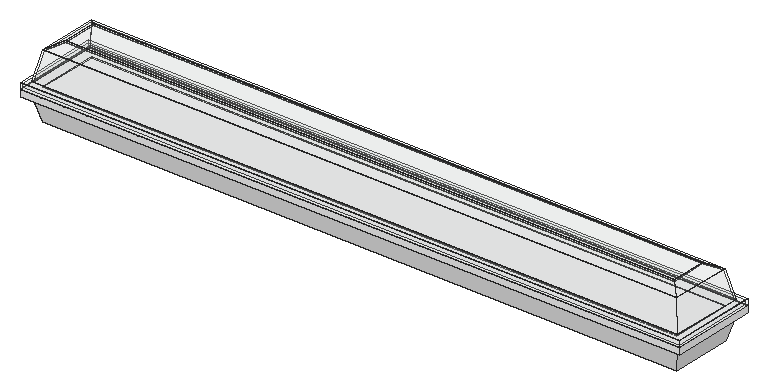
Revit family "LXEP", category Lighting Fixtures, host Face, Revit 2021
Family settings
  Host = Face
  Round Connector Dimension = Use Diameter
  Part Type = Normal
  OmniClass Number = 23.80.70.11
  OmniClass Title = Luminaries for Internal Lighting
  Cut with Voids When Loaded = No
  Light Source = Yes
  Shared = Yes
  Room Calculation Point = No
Parameters (values of type "LXEP4-40XL-DFA-EU")
  Wattage = 102 W
  built-in parameter 1150110 = 1 (stored number, unit not read)
  Voltage = 120 V
  Wattage Comments = ""
  URL = "www.currentlighting.com/columbialighting"
  built-in parameter 1114217 = 1 (stored number, unit not read)
  Tilt Angle = -90.00°
  built-in parameter 1150109 = 1 (stored number, unit not read)
  built-in parameter 1150134 = 12
  built-in parameter 1150113 = 1 (stored number, unit not read)
  Shielding = "Deep Frosted Acrylic"
  Product Page URL = ""
  Product Documentation Link = ""
  Photometric Web File = "LXEP4-40XL-DFA-EU.ies"
  Nominal Watts = 102 W
  Model = "LXEP"  # constant formula
  Manufacturer = "Columbia Lighting"  # constant formula
  Row Length = 4.00 ft
  built-in parameter 1150105 = 787.34 (stored number, unit not read)
  Lumens = 9894 lm
  built-in parameter 1150115 = 1 (stored number, unit not read)
  Lumen Output = "Xtra High Lumen"
  built-in parameter 1150137 = (empty or 0)
  built-in parameter 1150139 = (empty or 0)
  built-in parameter 1150112 = 1 (stored number, unit not read)
  built-in parameter 1150114 = 1 (stored number, unit not read)
  Lamp = "LED Lamp"
  built-in parameter 1150132 = (empty or 0)
  built-in parameter 1150102 = (empty or 0)
  built-in parameter 1150107 = 4000 (stored number, unit not read)
  built-in parameter 1150138 = (empty or 0)
  built-in parameter 1150106 = 7.8734 (stored number, unit not read)
  Glass = White Glass
  Emit from Line Length = 2.00 ft
  built-in parameter 1150104 = 9.0116 (stored number, unit not read)
  Driver = "Fixed Output"
  Dimming Lamp Color Temperature Shift = <None>
  Description = "LXEP is specialized for indoor parking garage applications with wide-angle light distribution to light parking bays, low energy use and high lumens per watt"  # constant formula
  Default Elevation = 4.00 ft
  Color Filter = 16777215
  built-in parameter 1114218 = 1 (stored number, unit not read)
  Backbox = White
  built-in parameter 1150133 = 10 (stored number, unit not read)
  Apparent Load = 0 VA
Reference planes (ft)
  plane 1 "Center (Front/Back)": y = 0.003333
  plane 2: z = 0
  plane 3 "Center (Left/Right)": x = 0.13912
  plane 4: x = -1.86088
  plane 5: x = 2.13912
Dimensions and locks (ft)
  equal spacing: plane 5, plane 3 "Center (Left/Right)", plane 4
  "Row Length": plane 5 to plane 4
  aligned and locked: plane 2 to host face
  aligned and locked: level to host face
  aligned and locked: plane 3 "Center (Left/Right)" to nested 1
  aligned and locked: plane 4 to nested 1
  aligned and locked: plane 5 to nested 1
  aligned and locked: plane 1 "Center (Front/Back)" to nested 1
  aligned and locked: imposter light to nested 1
  aligned and locked: imposter light to plane 1 "Center (Front/Back)"
  aligned and locked: plane 3 "Center (Left/Right)" to imposter light
Automatic sketch dimensions
  host sketch curve to host sketch curve = 8.00 ft  (x2)
Nested families (ft)
  nested 1: "LED Parking Garage" at (0.309759, 0, 0), Row Length <- "Row Length", Glass <- "Glass", Backbox <- "Backbox", type "LED Parking Garage"
    with Row Length 4.00 ft, Glass White Glass, Backbox White
Connectors (ft)
  electrical at (0.13912, 0.003333, 0), driven by "Voltage", driven by "Description"
    settings: on nested 1, index 1, voltage 120 V, apparent load 0 VA, apparent load phase1 0 VA, apparent load phase2 0 VA, apparent load phase3 0 VA, power factor 1, load classification "Other", number of poles 1, system type 30, power factor state 1, is connector primary yes, connector utility no, sub classification motor no, connector description "LXEP is specialized for indoor parking garage applications with wide-angle light distribution to light parking bays, low energy use and high lumens per watt"
Definition of nested family "LED Parking Garage"
  Parameters
    Wattage Comments = ""
    URL = ""
    Row Length [instance] = 4.00 ft
    Product Page URL = ""
    Product Documentation Link = ""
    Model = ""
    Manufacturer Phone = "(864)-678-1000"  # constant formula
    Manufacturer Fax = "(866)-898-1065"  # constant formula
    Manufacturer = ""
    Lamp = ""
    Glass [instance] = none
    Description = ""
    Default Elevation = 4.00 ft
    Backbox [instance] = none
  Reference planes (ft)
    plane 1 "Center (Front/Back)": y = 0.003333
    plane 2: z = 0
    plane 3 "Center (Left/Right)": x = -0.170639
    plane 4: x = -2.337306
    plane 5: x = 1.996027
    plane 6: y = 0.28574
    plane 7: y = -0.279075
    plane 8: z = 0.46875
    plane 9: z = 0.2
    plane 10: y = 0.244073
    plane 11: y = -0.237408
    plane 12: y = 0.202407
    plane 13: y = -0.195741
    plane 14: x = -2.170639
    plane 15: x = 1.829361
    plane 16: z = 0.427083
    plane 17: z = 0.241667
    plane 18: y = 0.119073
    plane 19: z = 0.460417
    plane 20: z = 0.0625
    plane 21: y = -0.112408
    plane 22: z = 0.158333
  Forms (ft)
    Extrusion 1, solid
      sketch origin (0, 0, 0.005297) x (1, 0, 0) y (0, 1, 0)
        loop
          line (-4, 4) -> (-4, -4) -> (4, -4) -> (4, 4) -> (-4, 4)
      from -0.005297 to -1.478638
    Extrusion 2, solid, material <- "Backbox"
      sketch origin (0, 1.902299, 0.2) x (0, 1, 0) y (-1, 0, 0)
        loop
          line (-1.783226, 2.170639) -> (-2.014707, 2.170639) -> (-2.014707, -1.829361) -> (-1.783226, -1.829361) -> (-1.783226, 2.170639)
      from -0.2 to 0
    Sweep 3, solid, material <- "Backbox"
      path origin (0, 1.902299, 0.2) x (0, 1, 0) y (-1, 0, 0)
        loop
          line (-1.616559, 2.337306) -> (-2.181374, 2.337306) -> (-2.181374, -1.996027) -> (-1.616559, -1.996027) -> (-1.616559, 2.337306)
      profile origin (-0.170639, 0.28574, 0.2) x (0, 1, 0) y (0, 0, 1)
        loop
          line (0, 0) -> (-0.166667, 0) -> (-0.166667, -0.2) -> (-0.083333, -0.2) -> (-0.041667, -0.041667) -> (0, -0.041667) -> (0, 0)
    Sweep 4, solid, material <- "Glass"
      path origin (0, 1.902299, 0.2) x (0, 1, 0) y (-1, 0, 0)
        loop
          line (-1.616559, 2.337306) -> (-2.181374, 2.337306) -> (-2.181374, -1.996027) -> (-1.616559, -1.996027) -> (-1.616559, 2.337306)
      profile origin (-0.170639, 0.28574, 0.2) x (0, 1, 0) y (0, 0, 1)
        loop
          line (0, 0) -> (0, 0.041667) -> (-0.041667, 0.041667) -> (-0.083333, 0.227083) -> (-0.166667, 0.26875) -> (-0.166667, 0.259433) -> (-0.090597, 0.221398) -> (-0.048335, 0.033333) -> (-0.008333, 0.033333) -> (-0.008333, 0.008333) -> (-0.083333, 0.008333) -> (-0.083333, 0) -> (0, 0)
    Extrusion 5, solid, material <- "Glass"
      sketch origin (-0.170639, 0, 0) x (0, 1, 0) y (0, 0, 1)
        loop
          line (0.119073, 0.46875) -> (-0.112408, 0.46875) -> (-0.112408, 0.459433) -> (0.119073, 0.459433) -> (0.119073, 0.46875)
      from -2 to 2
  Cuts and joins
    joined: Extrusion 2, Sweep 3
    joined: Sweep 4, Extrusion 5
  Dimensions and locks (ft)
    equal spacing: plane 5, plane 3 "Center (Left/Right)", plane 4
    equal spacing: plane 6, plane 1 "Center (Front/Back)", plane 7
    locked: plane 6 to plane 7 at 0.564815
    locked: plane 9 to plane 2 at 0.2
    locked: plane 8 to plane 2 at 0.46875
    equal spacing: plane 10, plane 1 "Center (Front/Back)", plane 11
    locked: plane 6 to plane 10 at 0.041667
    plane 10 to plane 12 = 0.041667 ft
    equal spacing: plane 12, plane 1 "Center (Front/Back)", plane 13
    plane 14 to plane 4 = 0.166667 ft
    equal spacing: plane 15, plane 3 "Center (Left/Right)", plane 14
    locked: plane 17 to plane 9 at 0.041667
    locked: plane 8 to plane 16 at 0.041667
    locked: plane 8 to plane 19 at 0.008333
    locked: plane 20 to level at 0.0625
    equal spacing: plane 21, plane 1 "Center (Front/Back)", plane 18
    locked: plane 9 to plane 22 at 0.041667
    "Row Length": plane 15 to plane 14
    locked: plane 6 to plane 18 at 0.166667
    locked: Sweep 4 sketch curve to Sweep 4 sketch curve at 0.009317
    locked: Sweep 4 sketch curve to Sweep 4 sketch curve at 0.008333  (x3)
    Sweep 4 sketch curve to Sweep 4 sketch curve to plane 17 = 0.008333 ft, 0.00 ft locked
    locked: plane 6 to Sweep 4 sketch curve at 0.008333
    aligned and locked: plane 2 to Extrusion 1
    aligned and locked: level to Extrusion 1
    aligned and locked: Extrusion 2 to level
    aligned and locked: plane 9 to Extrusion 2
    aligned and locked: plane 6 to Sweep 3 sketch curve
    aligned and locked: plane 4 to Sweep 3 sketch curve
    aligned and locked: Sweep 3 sketch curve to plane 7
    aligned and locked: Sweep 3 sketch curve to plane 5
    aligned and locked: plane 9 to Sweep 3 sketch curve
    aligned and locked: Sweep 3 sketch curve to plane 6
    aligned and locked: Sweep 3 sketch curve to plane 22
    aligned and locked: plane 22 to Sweep 3 sketch curve
    aligned and locked: plane 10 to Sweep 3 sketch curve
    aligned and locked: level to Sweep 3 sketch curve
    aligned and locked: plane 12 to Sweep 3 sketch curve
    aligned and locked: plane 18 to Sweep 3 sketch curve
    aligned and locked: Sweep 3 to Extrusion 2
    aligned and locked: Extrusion 2 to plane 2
    aligned and locked: Extrusion 2 to plane 14
    aligned and locked: plane 15 to Extrusion 2
    aligned and locked: Sweep 4 sketch curve to cut or joined group of Extrusion 2, Sweep 3  (x4)
    aligned and locked: Sweep 4 sketch curve to plane 9
    aligned and locked: plane 6 to Sweep 4 sketch curve
    aligned and locked: plane 17 to Sweep 4 sketch curve
    aligned and locked: plane 10 to Sweep 4 sketch curve
    aligned and locked: plane 16 to Sweep 4 sketch curve
    aligned and locked: plane 12 to Sweep 4 sketch curve
    aligned and locked: plane 18 to Sweep 4 sketch curve
    aligned and locked: plane 8 to Sweep 4 sketch curve
    aligned and locked: Extrusion 5 sketch curve to Sweep 4  (x4)
    aligned and locked: plane 15 to Extrusion 5
    aligned and locked: Extrusion 5 to plane 14
  Automatic sketch dimensions
    Extrusion 1 sketch curve to Extrusion 1 sketch curve = 8.00 ft  (x2)
    plane 21 to Extrusion 2 sketch curve = 0.00 ft
    plane 18 to Extrusion 2 sketch curve = 0.00 ft
    Extrusion 2 sketch curve to plane 15 = 0.00 ft
    plane 14 to Extrusion 2 sketch curve = 0.00 ft
    Sweep 4 sketch curve to Sweep 4 sketch curve = 0.041667 ft
